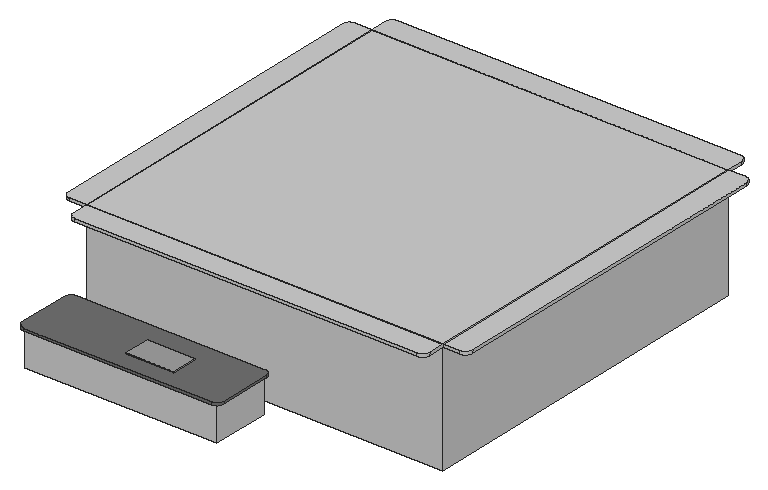
Revit family "QF_ADVENTYS_INDUC-STONE_250901092549", category Specialty Equipment, Revit 2021
Family settings
  Round Connector Dimension = Use Diameter
  Part Type = Normal
  OmniClass Number = 23.40.40.14
  OmniClass Title = Food Service Equipment
  Work Plane-Based = No
  Always vertical = Yes
  Cut with Voids When Loaded = No
  Shared = No
  Room Calculation Point = No
Parameters (values of type "ADV1587")
  Weight in Pounds [instance] = 0
  Weight = 8.00 kg
  Warranty Start Date [instance] = ""
  Warranty Duration [instance] = ""
  Volts [instance] = 230 V
  URL Recommended Spares List = ""
  URL Manufacturer = ""
  URL Cutsheet = ""
  URL Critical Spares List = ""
  URL = "www.adventys.com"
  Tag Number [instance] = ""
  Status [instance] = ""
  Specification by User [instance] = ""
  Specification by Manufacturer [instance] = ""
  Sound Level [instance] = ""
  Solid Fuel Type [instance] = ""
  Service Life Duration [instance] = ""
  Serial Number [instance] = ""
  Seismic Rating [instance] = ""
  SMACNA No [instance] = ""
  Revision Code [instance] = ""
  Revision [instance] = ""
  Production Year [instance] = ""
  Point Load [instance] = 0
  Phase [instance] = 1
  Other Equipment Approvals [instance] = ""
  Number of Poles [instance] = 2
  NAFEM Spec ID Number [instance] = ""
  Model Warning [instance] = ""
  Model = "INDUC-STONE"
  Min Ckt Ampacity [instance] = 0 A
  Max Overcurrent Protection [instance] = 0 A
  Masterspec [instance] = ""
  Manufacturer = "ADVENTYS"
  Length Actual = 340 mm
  Item Number [instance] = ""
  Installed By [instance] = ""
  Installation Date [instance] = ""
  Identify Quantity as Lot [instance] = no
  ID [instance] = ""
  Hygiene Approval [instance] = ""
  Hot Water Consumption = 0.0 L/s
  Height Actual = 168 mm
  HP power [instance] = ""
  Furnished By [instance] = ""
  Foodservice Equipment Identifier [instance] = no
  FL Amps [instance] = 3 A
  Electrical Remarks [instance] = "Plug not included"
  Electric power [instance] = 0 W
  Electric Connection Type [instance] = "Cord&Plug"
  Elec Conn RI Height [instance] = 0 mm
  Elec Conn Connection Height [instance] = 0 mm
  ETL Approved [instance] = no
  Description = "INDUC STONE SOLUTION FOR BUFFETS"
  Depth Actual = 340 mm
  Default Elevation = 0 mm
  Cycle [instance] = 50 Hz
  Cost = 0
  Conn Plug [instance] = ""
  Conn Conduit [instance] = no
  CSI MasterFormat [instance] = ""
  CE Approved [instance] = no
  Barcode [instance] = 0
  Author [instance] = ""
  Asset Identifier [instance] = ""
  Apparent Power [instance] = 650 VA
  Accessory = no
Reference planes
  plane 1 "Center (Front/Back)": y = 0
  plane 2: z = 0
  plane 3 "Center (Left/Right)": x = 0
Forms (mm)
  Extrusion 1, solid, not visible
    sketch origin (42.002, -172.008, -102.005) x (1, 0, 0) y (0, 1, 0)
      loop
        line (-2, 2) -> (-2, -2) -> (2, -2) -> (2, 2) -> (-2, 2)
    from -2 to 2
Dimensions and locks
  locked: Extrusion 1 to nested 2
  locked: nested 2 to Extrusion 1 at 2
  aligned and locked: level to plane 2
Nested families
  nested 1: "QF_ADVENTYS_INDUC-STONE_CAT_2916" at (0, 0, 0), type "ADV1587"
    with Status "", Specification by User "", Show Logo yes, Show Clearance yes, Revision Code "", Number of Poles 2, Item Number "", Installed By "", Identify Quantity as Lot no, Furnished By "", Foodservice Equipment Identifier yes, Electrical Remarks "Plug not included", Electric Connection Type "Cord&Plug", Elec Conn RI Height 0 mm, Elec Conn Connection Height 0 mm
  nested 2: "CONN_POINT_ELE_2D___Generic_Annotation" at (42.002, -170.008, -102.005), type "CONN_POINT_ELE_2D___Generic_Annotation"
    with Onboard connection annotation symbol visibility yes
Connectors
  electrical at (42.002, -170.008, -102.005), driven by "Apparent Power", driven by "Number of Poles", driven by "Volts"
    settings: on Extrusion 1, index 1, voltage 230 V, apparent load 0 VA, apparent load phase1 650 VA, apparent load phase2 0 VA, apparent load phase3 0 VA, power factor 1, load classification "Other", number of poles 2, system type 31, power factor state 1, is connector primary yes, connector utility no, sub classification motor no, connector description "Electrical connection for INDUC-STONE"
Definition of nested family "QF_ADVENTYS_INDUC-STONE_CAT_2916"
  Parameters (values of type "ADV1587")
    Weight in Pounds = 17.637
    Electric power = 650 W
    Volts = 230 V
    URL Cutsheet = "www.plaque-induction.com"
    URL = "www.plaque-induction.com"
    Status [instance] = ""
    Specification by User [instance] = ""
    Specification by Manufacturer = ""
    Show Logo [instance] = yes
    Show Clearance [instance] = yes
    Serial Number = ""
    Seismic Rating = ""
    SMACNA No = ""
    Revision Code [instance] = ""
    Phase = 1
    Number of Poles [instance] = 1
    NAFEM Spec ID Number = ""
    Model = "INDUC-STONE"
    Min Ckt Ampacity = 0 A
    Max Overcurrent Protection = 0 A
    Masterspec = ""
    Manufacturer = "ADVENTYS"
    Item Number [instance] = ""
    Installed By [instance] = ""
    Identify Quantity as Lot [instance] = no
    HP power = "0.871663000000"
    Furnished By [instance] = ""
    Foodservice Equipment Identifier [instance] = yes
    FL Amps = 3 A
    Electrical Remarks [instance] = ""
    Electric Connection Type [instance] = ""
    Elec Conn RI Height [instance] = 0 mm
    Elec Conn Connection Height [instance] = 0 mm
    Description = "INDUC STONE SOLUTION FOR BUFFETS"
    Default Elevation = 0 mm
    Cycle = 50 Hz
    Conn Plug = ""
    CSI MasterFormat = ""
    Assembly Code = "E1090320"
    Apparent Power = 650 VA
  Reference planes
    plane 1 "Back": y = 0
    plane 2: z = 0
    plane 3 "Left": x = 0
    plane 4 "Right": x = 340
    plane 5 "Front": y = -475
    plane 6 "Top": z = 2.252
    plane 7: y = -170
    plane 8: z = -93.1
  Forms (mm)
    Extrusion 1, solid
      sketch origin (-200, 180, -247.5) x (1, 0, 0) y (0, 1, 0)
        loop
          line (220, -200) -> (220, -500) -> (520, -500) -> (520, -200) -> (220, -200)
      from 154.4 to 249.752
    Extrusion 2, solid
      sketch origin (-30.089, -5, -350) x (1, 0, 0) y (0, 1, 0)
        loop
          circle (172.653, -164.702) r 50
      from 184.4 to 225
    Extrusion 3, solid
      sketch origin (0, 0, 0) x (1, 0, 0) y (0, 1, 0)
        loop
          line (20, -20) -> (320, -20) -> (320, -6)
          arc (320, -6) -> (318.243, -1.757) -> (314, 0) r 6
          line (314, 0) -> (26, 0)
          arc (26, 0) -> (21.757, -1.757) -> (20, -6) r 6
          line (20, -6) -> (20, -20)
        loop
          line (26, -340) -> (314, -340)
          arc (314, -340) -> (318.243, -338.243) -> (320, -334) r 6
          line (320, -334) -> (320, -320) -> (20, -320) -> (20, -334)
          arc (20, -334) -> (21.757, -338.243) -> (26, -340) r 6
      from 0 to 2.252
    Extrusion 4, solid
      sketch origin (340, 0, 0) x (0, -1, 0) y (1, 0, 0)
        loop
          line (20, -20) -> (320, -20) -> (320, -6)
          arc (320, -6) -> (318.243, -1.757) -> (314, 0) r 6
          line (314, 0) -> (26, 0)
          arc (26, 0) -> (21.757, -1.757) -> (20, -6) r 6
          line (20, -6) -> (20, -20)
        loop
          line (26, -340) -> (314, -340)
          arc (314, -340) -> (318.243, -338.243) -> (320, -334) r 6
          line (320, -334) -> (320, -320) -> (20, -320) -> (20, -334)
          arc (20, -334) -> (21.757, -338.243) -> (26, -340) r 6
      from 0 to 2.252
    Extrusion 5, solid, visible <- "Show Clearance", detail levels coarse
      sketch origin (0, 0, 0) x (1, 0, 0) y (0, 1, 0)
        loop
          line (-30, 30) -> (-30, -370) -> (370, -370) -> (370, 30) -> (-30, 30)
        loop
          line (20, -20) -> (20, -320) -> (320, -320) -> (320, -20) -> (20, -20)
      from -165.6 to 0
    Extrusion 6, solid
      sketch origin (-250, 0, 31.9) x (1, 0, 0) y (0, 1, 0)
        loop
          circle (291.59, -170) r 5
      from -133.635 to -125
    Extrusion 7, solid
      sketch origin (85, -49, 0) x (1, 0, 0) y (0, 1, 0)
        loop
          arc (6, -370) -> (1.757, -371.757) -> (0, -376) r 6
          line (0, -376) -> (0, -420)
          arc (0, -420) -> (1.757, -424.243) -> (6, -426) r 6
          line (6, -426) -> (164, -426)
          arc (164, -426) -> (168.243, -424.243) -> (170, -420) r 6
          line (170, -420) -> (170, -376)
          arc (170, -376) -> (168.243, -371.757) -> (164, -370) r 6
          line (164, -370) -> (6, -370)
      from 0 to 1.672
    Extrusion 8, solid
      sketch origin (85, -47.75, 0) x (1, 0, 0) y (0, 1, 0)
        loop
          line (119.641, -389.152) -> (79.641, -389.152) -> (79.641, -411.372) -> (119.641, -411.372) -> (119.641, -389.152)
      from 0 to 2.252
    Extrusion 9, void
      sketch origin (0, 0, 0) x (1, 0, 0) y (0, 1, 0)
        loop
          line (20, -20) -> (20, -320) -> (320, -320) -> (320, -20) -> (20, -20)
      from -165.6 to 6.712
    Extrusion 10, solid
      sketch origin (6, 0, 0) x (1, 0, 0) y (0, 1, 0)
        loop
          line (83.125, -422.125) -> (83.125, -471.875) -> (244.875, -471.875) -> (244.875, -422.125) -> (83.125, -422.125)
      from -30.059 to 0
    Extrusion 11, void
      sketch origin (6, 0, 5) x (1, 0, 0) y (0, 1, 0)
        loop
          line (83.125, -422.125) -> (83.125, -471.875) -> (244.875, -471.875) -> (244.875, -422.125) -> (83.125, -422.125)
      from -35.059 to 1.712
    Extrusion 12, solid
      sketch origin (46.764, -8.562, -167.8) x (1, 0, 0) y (0, 1, 0)
        loop
          line (20, -85.638) -> (20, -237.238) -> (171.6, -237.238) -> (171.6, -85.638) -> (20, -85.638)
      from 42.8 to 74.7
    Extrusion 13, solid
      sketch origin (0, 0, 0) x (1, 0, 0) y (0, 1, 0)
        loop
          circle (270.165, -170) r 20
      from -101.735 to -93.1
  Lines and regions (mm)
    symbolic lines
      curve 1: line (20, -6, 0) -> (20, -20, 0)
      curve 2: arc (26, 0, 0) -> (21.757, -1.757, 0) -> (20, -6, 0) r 6
      curve 3: line (314, 0, 0) -> (26, 0, 0)
      curve 4: arc (320, -6, 0) -> (318.243, -1.757, 0) -> (314, 0, 0) r 6
      curve 5: line (320, -20, 0) -> (320, -6, 0)
      curve 6: line (334, -20, 0) -> (320, -20, 0)
      curve 7: arc (340, -26, 0) -> (338.243, -21.757, 0) -> (334, -20, 0) r 6
      curve 8: line (340, -314, 0) -> (340, -26, 0)
      curve 9: arc (334, -320, 0) -> (338.243, -318.243, 0) -> (340, -314, 0) r 6
      curve 10: line (320, -320, 0) -> (334, -320, 0)
      curve 11: line (320, -334, 0) -> (320, -320, 0)
      curve 12: arc (314, -340, 0) -> (318.243, -338.243, 0) -> (320, -334, 0) r 6
      curve 13: line (26, -340, 0) -> (314, -340, 0)
      curve 14: arc (20, -334, 0) -> (21.757, -338.243, 0) -> (26, -340, 0) r 6
      curve 15: line (20, -320, 0) -> (20, -334, 0)
      curve 16: line (6, -320, 0) -> (20, -320, 0)
      curve 17: arc (0, -314, 0) -> (1.757, -318.243, 0) -> (6, -320, 0) r 6
      curve 18: line (0, -26, 0) -> (0, -314, 0)
      curve 19: arc (6, -20, 0) -> (1.757, -21.757, 0) -> (0, -26, 0) r 6
      curve 20: line (20, -20, 0) -> (6, -20, 0)
      curve 21: line (20, -20, 0) -> (320, -20, 0)
      curve 22: line (20, -320, 0) -> (20, -20, 0)
      curve 23: line (320, -320, 0) -> (20, -320, 0)
      curve 24: line (320, -20, 0) -> (320, -320, 0)
      curve 29: line (218.364, -94.2, 0) -> (66.764, -94.2, 0)
      curve 30: line (218.364, -245.8, 0) -> (218.364, -94.2, 0)
      curve 31: line (66.764, -245.8, 0) -> (218.364, -245.8, 0)
      curve 32: line (66.764, -94.2, 0) -> (66.764, -245.8, 0)
      curve 33: line (204.641, -436.902, 0) -> (164.641, -436.902, 0)
      curve 34: line (164.641, -436.902, 0) -> (164.641, -459.122, 0)
      curve 35: line (164.641, -459.122, 0) -> (204.641, -459.122, 0)
      curve 36: line (204.641, -459.122, 0) -> (204.641, -436.902, 0)
      curve 37: line (249, -419, 0) -> (91, -419, 0)
      curve 38: arc (91, -419, 0) -> (86.757, -420.757, 0) -> (85, -425, 0) r 6
      curve 39: arc (85, -469, 0) -> (86.757, -473.243, 0) -> (91, -475, 0) r 6
      curve 40: line (91, -475, 0) -> (249, -475, 0)
      curve 41: arc (249, -475, 0) -> (253.243, -473.243, 0) -> (255, -469, 0) r 6
      curve 42: line (255, -469, 0) -> (255, -425, 0)
      curve 43: arc (255, -425, 0) -> (253.243, -420.757, 0) -> (249, -419, 0) r 6
      curve 44: line (85, -425, 0) -> (85, -469, 0)
    symbolic lines, visible <- "Show Clearance", detail levels coarse
      curve 25: line (-30, 30, 0) -> (370, 30, 0)
      curve 26: line (-30, -370, 0) -> (-30, 30, 0)
      curve 27: line (370, -370, 0) -> (-30, -370, 0)
      curve 28: line (370, 30, 0) -> (370, -370, 0)
  Dimensions and locks
    aligned and locked: level to plane 2
  Connectors
    electrical at (41.59, -170, -101.735), driven by "Apparent Power", driven by "Volts", driven by "Number of Poles"
      settings: on Extrusion 6, index 1, voltage 230 V, apparent load 0 VA, apparent load phase1 650 VA, apparent load phase2 0 VA, apparent load phase3 0 VA, power factor 1, load classification none, number of poles 1, system type 31, power factor state 1, is connector primary yes, connector utility no, sub classification motor no, connector description "Electrical connection"
    hvac at (270.165, -170, -101.735)
      settings: on Extrusion 13, index 2, duct flow 0.0 L/s, flow factor 0, pres drop 0.0 Pa, loss coef 0, conn angle 0.00°, conn width 304.8 mm, conn height 304.8 mm, conn diameter 40 mm, duct sys type 3, conn prof type 0, flow config 1, flow direction 2, loss method 0, conn ref index -1, conn util no, is conn primary yes, conn desc "Hot air exhaust"
    hvac at (142.564, -169.702, -165.6)
      settings: on Extrusion 2, index 3, duct flow 0.0 L/s, flow factor 0, pres drop 0.0 Pa, loss coef 0, conn angle 0.00°, conn width 304.8 mm, conn height 304.8 mm, conn diameter 100 mm, duct sys type 1, conn prof type 0, flow config 1, flow direction 1, loss method 0, conn ref index -1, conn util no, is conn primary no, conn desc "Fresh air inlet connection"
Definition of nested family "CONN_POINT_ELE_2D___Generic_Annotation"
  Parameters (values of type "CONN_POINT_ELE_2D___Generic_Annotation")
    Onboard connection annotation symbol visibility [instance] = yes
  Reference planes
    plane 1: y = 0
    plane 2: x = 0
  Lines and regions (mm)
    detail lines, visible <- "Onboard connection annotation symbol visibility"
      curve 1: circle (0, 0, 0) r 0.5 normal (0, 0, 1)
      curve 2: line (-1, 0, 0) -> (1, 0, 0)
      curve 3: line (0, 1, 0) -> (0, -1, 0)
      curve 4: line (2.5, 1, 0) -> (1.25, 1, 0)
      curve 5: line (1.25, 1, 0) -> (1.25, -1, 0)
      curve 6: line (1.25, -1, 0) -> (2.5, -1, 0)
      curve 7: line (1.25, 0, 0) -> (2, 0, 0)
